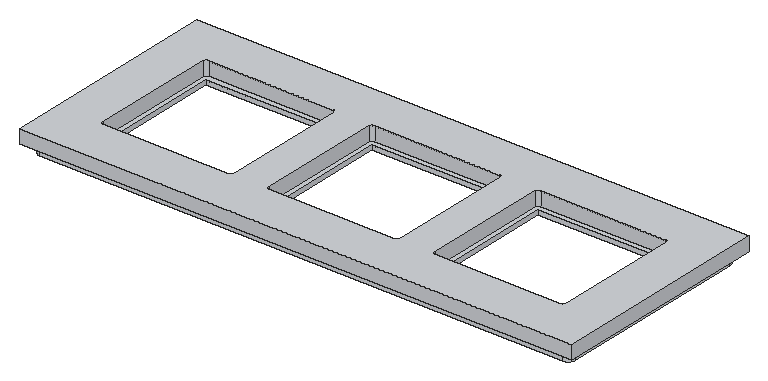
Revit family "Gira_0213220", category Electrical Fixtures, host Face, Revit 2017
Family settings
  Host = Face
  Maintain Annotation Orientation = No
  Round Connector Dimension = Use Diameter
  Part Type = Normal
  Cut with Voids When Loaded = No
  Shared = No
  Room Calculation Point = No
Parameters (values of type "Abdeckrahmen 3f Gira Esprit Lin.Mpx.Hellgrau")
  Werkstoffgüte = "sonstige"
  Werkstoff = "sonstige"
  URL = "http://katalog.gira.de/de_DE/datenblatt.html?artikelnr=0213220"
  Transparent = "No"
  Textfeld/Beschriftungsfläche = "No"
  Schutzart (IP) = "IP20"
  Region = "DE"
  Oberfläche = "sonstige"
  Name = "Abdeckrahmen 3f Gira Esprit Lin.Mpx.Hellgrau"
  Montagerichtung = "horizontal und vertikal"
  Mit Montagerahmen = "No"
  Mit Klappdeckel = "No"
  Manufacturer URL = "https://www.gira.de/"
  Keynote = "Espr._Rahmen_3fach"
  HeinzeBIM = "https://bimportal.heinze.de/bim/abdeckrahmen-3f-gira-esprit-lin-mpx-hellgrau/cf461ebaf7e7bb6bce5f7cd0a0cc23343ab641eb"
  Halogenfrei = "No"
  HAN = "0213220"
  Geeignet für Unterputz-Installation = "Yes"
  Geeignet für Unterflurkanaldose = "No"
  Geeignet für Geräteeinbaukanal = "No"
  Geeignet für Einbauinstallation = "No"
  GTIN = "4010337015833"
  Farbe = "sonstige"
  Default Elevation = 1219.2 mm
  Data sheet (1) = "https://katalog.gira.de/de_DE/download.html?artikelnr=0213220"
  Category = "Abdeckrahmen"
  Befestigungsart = "Klemmbefestigung"
  Available = "Yes"
  Anzahl der Einheiten vertikal = "3 "
  Anzahl der Einheiten horizontal = "3 "
  Anzahl der Einheiten = "3 "
Reference planes
  plane 1 "Center (Front/Back)": y = 0
  plane 2: z = 0
  plane 3 "Center (Left/Right)": x = 0
Forms (mm)
  Extrusion 1, solid, detail levels fine
    sketch origin (0, 0, 0) x (1, 0, 0) y (0, 1, 0)
      loop
        line (-118.4, 47.5) -> (-118.4, -47.5) -> (118.4, -47.5) -> (118.4, 47.5) -> (-118.4, 47.5)
      loop
        arc (-99.5, -26.7) -> (-99.061, -27.761) -> (-98, -28.2) r 1.5
        line (-98, -28.2) -> (-44.6, -28.2)
        arc (-44.6, -28.2) -> (-43.539, -27.761) -> (-43.1, -26.7) r 1.5
        line (-43.1, -26.7) -> (-43.1, 26.7)
        arc (-43.1, 26.7) -> (-43.539, 27.761) -> (-44.6, 28.2) r 1.5
        line (-44.6, 28.2) -> (-98, 28.2)
        arc (-98, 28.2) -> (-99.061, 27.761) -> (-99.5, 26.7) r 1.5
        line (-99.5, 26.7) -> (-99.5, -26.7)
      loop
        arc (-28.2, -26.7) -> (-27.761, -27.761) -> (-26.7, -28.2) r 1.5
        line (-26.7, -28.2) -> (26.7, -28.2)
        arc (26.7, -28.2) -> (27.761, -27.761) -> (28.2, -26.7) r 1.5
        line (28.2, -26.7) -> (28.2, 26.7)
        arc (28.2, 26.7) -> (27.761, 27.761) -> (26.7, 28.2) r 1.5
        line (26.7, 28.2) -> (-26.7, 28.2)
        arc (-26.7, 28.2) -> (-27.761, 27.761) -> (-28.2, 26.7) r 1.5
        line (-28.2, 26.7) -> (-28.2, -26.7)
      loop
        arc (43.1, -26.7) -> (43.539, -27.761) -> (44.6, -28.2) r 1.5
        line (44.6, -28.2) -> (98, -28.2)
        arc (98, -28.2) -> (99.061, -27.761) -> (99.5, -26.7) r 1.5
        line (99.5, -26.7) -> (99.5, 26.7)
        arc (99.5, 26.7) -> (99.061, 27.761) -> (98, 28.2) r 1.5
        line (98, 28.2) -> (44.6, 28.2)
        arc (44.6, 28.2) -> (43.539, 27.761) -> (43.1, 26.7) r 1.5
        line (43.1, 26.7) -> (43.1, -26.7)
    from 0 to 6
  Extrusion 2, solid, detail levels fine
    sketch origin (0, 0, 0) x (1, 0, 0) y (0, 1, 0)
      loop
        line (-97.2, -25.7) -> (-45.4, -25.7) -> (-45.4, 25.7) -> (-97.2, 25.7) -> (-97.2, -25.7)
      loop
        line (97.2, 25.7) -> (45.4, 25.7) -> (45.4, -25.7) -> (97.2, -25.7) -> (97.2, 25.7)
      loop
        arc (-114.002, -41.3) -> (-113.474, -42.573) -> (-112.202, -43.1) r 1.8
        line (-112.202, -43.1) -> (112.202, -43.1)
        arc (112.202, -43.1) -> (113.474, -42.573) -> (114.002, -41.3) r 1.8
        line (114.002, -41.3) -> (114.002, 41.3)
        arc (114.002, 41.3) -> (113.474, 42.573) -> (112.202, 43.1) r 1.8
        line (112.202, 43.1) -> (-112.202, 43.1)
        arc (-112.202, 43.1) -> (-113.474, 42.573) -> (-114.002, 41.3) r 1.8
        line (-114.002, 41.3) -> (-114.002, -41.3)
      loop
        line (25.9, 25.7) -> (-25.9, 25.7) -> (-25.9, -25.7) -> (25.9, -25.7) -> (25.9, 25.7)
    from -1.9 to 0
  Extrusion 3, solid, detail levels fine
    sketch origin (0, 0, 0) x (1, 0, 0) y (0, 1, 0)
      loop
        arc (-112.3, 44.4) -> (-114.421, 43.521) -> (-115.3, 41.4) r 3
        line (-115.3, 41.4) -> (-115.3, -41.4)
        arc (-115.3, -41.4) -> (-114.421, -43.521) -> (-112.3, -44.4) r 3
        line (-112.3, -44.4) -> (112.3, -44.4)
        arc (112.3, -44.4) -> (114.421, -43.521) -> (115.3, -41.4) r 3
        line (115.3, -41.4) -> (115.3, 41.4)
        arc (115.3, 41.4) -> (114.421, 43.521) -> (112.3, 44.4) r 3
        line (112.3, 44.4) -> (-112.3, 44.4)
      loop
        arc (-114.1, -41.4) -> (-113.573, -42.673) -> (-112.3, -43.2) r 1.8
        line (-112.3, -43.2) -> (112.3, -43.2)
        arc (112.3, -43.2) -> (113.573, -42.673) -> (114.1, -41.4) r 1.8
        line (114.1, -41.4) -> (114.1, 41.4)
        arc (114.1, 41.4) -> (113.573, 42.673) -> (112.3, 43.2) r 1.8
        line (112.3, 43.2) -> (-112.3, 43.2)
        arc (-112.3, 43.2) -> (-113.573, 42.673) -> (-114.1, 41.4) r 1.8
        line (-114.1, 41.4) -> (-114.1, -41.4)
    from -3.7 to 0
  Extrusion 4, solid, detail levels medium
    sketch origin (0, 0, 0) x (1, 0, 0) y (0, 1, 0)
      loop
        line (-118.4, 47.5) -> (-118.4, -47.5) -> (118.4, -47.5) -> (118.4, 47.5) -> (-118.4, 47.5)
    from 0 to 6
  Extrusion 5, solid, detail levels medium
    sketch origin (0, 0, 0) x (1, 0, 0) y (0, 1, 0)
      loop
        line (-115.3, 44.4) -> (-115.3, -44.4) -> (115.3, -44.4) -> (115.3, 44.4) -> (-115.3, 44.4)
    from -3.7 to 0
  Extrusion 6, solid, detail levels coarse
    sketch origin (0, 0, 0) x (1, 0, 0) y (0, 1, 0)
      loop
        line (-118.4, 47.5) -> (-118.4, -47.5) -> (118.4, -47.5) -> (118.4, 47.5) -> (-118.4, 47.5)
    from -3.7 to 6
Dimensions and locks
  aligned and locked: plane 2 to host face
  aligned and locked: level to host face
